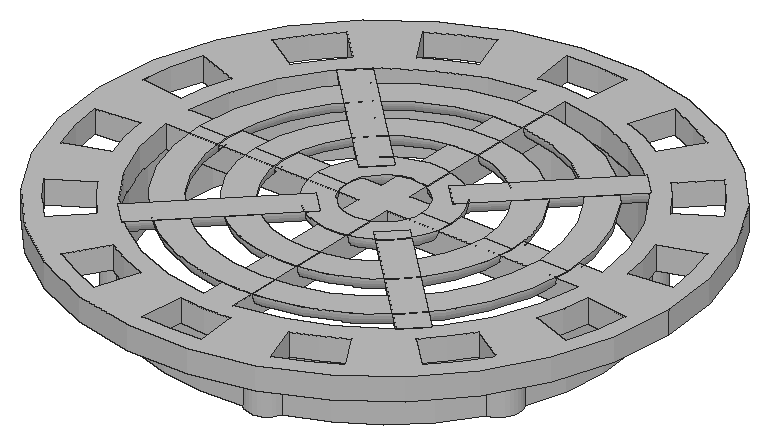
Revit family "483270001(1)", category Generic Models, host Floor, Revit 2019
Family settings
  Host = Floor
  Can host rebar = No
  Always vertical = Yes
  Cut with Voids When Loaded = No
  Shared = Yes
  Room Calculation Point = No
Parameters (values of type "483270001")
  SUPPLIER = "KOERO"
  NT = "Balcony transit and drain wastes"
  NN = "PLUVETTA® ROOSTER"
  NBSYN = "$CNSORDERNO.($LODLEVEL.)"
  NB = "483270001(1)"
  Model = "483270001"
  Manufacturer = "KOERO"
  MIdent = "{$CADENAS_DATA/23d-libs/koero/pluvetta/pluvetta_rooster.prj},188 {VTYP=3D},{NB=483270001(1)},{LINA=483270001},{NN=PLUVETTA® ROOSTER},{DATE=23.04.2020 08:29:08},{GEOMDATE=03.04.2020 06:45:27},{VERSION=},{LINEID=20},{WBVAR=LODLEVEL},{WBNUMERIC=LODLEVEL}  {NB=483270001(1)},{LINA=483270001},{KT=DUMMY},{CNSORDERNO=483270001},{LODLEVEL=1},{BEZ=Afvoerrooster geschikt voor pot 70 mm, Ø 100 mm buitenzijde rooster},{GRATE=1},{D1=100},{D2=73},{H=14},{INFO=PDF Catalog},{HTML=Product page},{S=70},{N=14},{X=0},{GRATEVIS=Transit},{INFOPAGE=pluvetta_pot},{INFOPATH=pluvetta_pot_nl.pdf},{HTML1=https://debeer-sanitair.nl/maattekeningen/pluvetta/},{VER=2}"
  LODLEVEL = "300"
  LINA = "483270001"
  INFO = "PDF Catalog"
  HTML = "Product page"
  H = 14 mm
  Description = "Balcony transit and drain wastes"
  D2 = 73 mm
  D1 = 100 mm
  CREATOR = "CADENAS GmbH"
  CNSORDERNO = "483270001"
  CATALOG = "König & Ronneberger"
  BOMINFO = "LINA"
  BEZ = "Afvoerrooster geschikt voor pot 70 mm, Ø 100 mm buitenzijde rooster"
  ARTICLENO = "NB"
Reference planes
  plane 1 "Center (Front/Back)": y = 0
  plane 2: z = 0
  plane 3 "Center (Left/Right)": x = 0
Dimensions and locks
  aligned and locked: level to plane 2
Nested families
  nested 1: "483270001(1)_content" at (0, 0, 0), type "483270001(1)_Content"
Definition of nested family "483270001(1)_content"
  Parameters (values of type "483270001(1)_Content")
    SUPPLIER = "KOERO"
    NT = "Balcony transit and drain wastes"
    NN = "PLUVETTA® ROOSTER"
    NBSYN = "$CNSORDERNO.($LODLEVEL.)"
    NB = "483270001(1)"
    Model = "483270001"
    Manufacturer = "KOERO"
    LODLEVEL = "300"
    LINA = "483270001"
    INFO = "PDF Catalog"
    HTML = "Product page"
    H = 14 mm
    Description = "Balcony transit and drain wastes"
    Default Elevation = 1219.2 mm
    D2 = 73 mm
    D1 = 100 mm
    CREATOR = "CADENAS GmbH"
    CNSORDERNO = "483270001"
    CATALOG = "König & Ronneberger"
    BOMINFO = "LINA"
    BEZ = "Afvoerrooster geschikt voor pot 70 mm, Ø 100 mm buitenzijde rooster"
    ARTICLENO = "NB"
  Reference planes
    plane 1 "Center (Front/Back)": y = 0
    plane 2: z = 0
    plane 3 "Center (Left/Right)": x = 0
  Forms (mm)
    Extrusion 1, solid, detail levels medium+fine
      sketch origin (0, 0, 0) x (-1, 0, 0) y (0, -1, 0)
        loop
          circle (0, 0) r 50
        loop
          arc (37.283, 13.046) -> (38.51, 8.79) -> (39.252, 4.423) r 39.5
          line (39.252, 4.423) -> (46.704, 5.262)
          arc (46.704, 5.262) -> (45.822, 10.458) -> (44.363, 15.523) r 47
          line (44.363, 15.523) -> (37.283, 13.046)
        loop
          line (37.283, -13.046) -> (44.363, -15.523)
          arc (44.363, -15.523) -> (45.822, -10.458) -> (46.704, -5.262) r 47
          line (46.704, -5.262) -> (39.252, -4.423)
          arc (39.252, -4.423) -> (38.51, -8.79) -> (37.283, -13.046) r 39.5
        loop
          arc (27.931, 27.931) -> (30.882, 24.628) -> (33.446, 21.015) r 39.5
          line (33.446, 21.015) -> (39.796, 25.006)
          arc (39.796, 25.006) -> (36.746, 29.304) -> (33.234, 33.234) r 47
          line (33.234, 33.234) -> (27.931, 27.931)
        loop
          line (27.931, -27.931) -> (33.234, -33.234)
          arc (33.234, -33.234) -> (36.746, -29.304) -> (39.796, -25.006) r 47
          line (39.796, -25.006) -> (33.446, -21.015)
          arc (33.446, -21.015) -> (30.882, -24.628) -> (27.931, -27.931) r 39.5
        loop
          arc (13.046, 37.283) -> (17.138, 35.588) -> (21.015, 33.446) r 39.5
          line (21.015, 33.446) -> (25.006, 39.796)
          arc (25.006, 39.796) -> (20.393, 42.346) -> (15.523, 44.363) r 47
          line (15.523, 44.363) -> (13.046, 37.283)
        loop
          line (13.046, -37.283) -> (15.523, -44.363)
          arc (15.523, -44.363) -> (20.393, -42.346) -> (25.006, -39.796) r 47
          line (25.006, -39.796) -> (21.015, -33.446)
          arc (21.015, -33.446) -> (17.138, -35.588) -> (13.046, -37.283) r 39.5
        loop
          line (2.5, -2.5) -> (2.5, -36.414)
          arc (2.5, -36.414) -> (25.809, -25.809) -> (36.414, -2.5) r 36.5
          line (36.414, -2.5) -> (2.5, -2.5)
        loop
          line (2.5, 2.5) -> (36.414, 2.5)
          arc (36.414, 2.5) -> (25.809, 25.809) -> (2.5, 36.414) r 36.5
          line (2.5, 36.414) -> (2.5, 2.5)
        loop
          line (-5.262, 46.704) -> (-4.423, 39.252)
          arc (-4.423, 39.252) -> (0, 39.5) -> (4.423, 39.252) r 39.5
          line (4.423, 39.252) -> (5.262, 46.704)
          arc (5.262, 46.704) -> (0, 47) -> (-5.262, 46.704) r 47
        loop
          arc (-5.262, -46.704) -> (0, -47) -> (5.262, -46.704) r 47
          line (5.262, -46.704) -> (4.423, -39.252)
          arc (4.423, -39.252) -> (0, -39.5) -> (-4.423, -39.252) r 39.5
          line (-4.423, -39.252) -> (-5.262, -46.704)
        loop
          line (-25.006, 39.796) -> (-21.015, 33.446)
          arc (-21.015, 33.446) -> (-17.138, 35.588) -> (-13.046, 37.283) r 39.5
          line (-13.046, 37.283) -> (-15.523, 44.363)
          arc (-15.523, 44.363) -> (-20.393, 42.346) -> (-25.006, 39.796) r 47
        loop
          arc (-25.006, -39.796) -> (-20.393, -42.346) -> (-15.523, -44.363) r 47
          line (-15.523, -44.363) -> (-13.046, -37.283)
          arc (-13.046, -37.283) -> (-17.138, -35.588) -> (-21.015, -33.446) r 39.5
          line (-21.015, -33.446) -> (-25.006, -39.796)
        loop
          line (-36.414, 2.5) -> (-2.5, 2.5) -> (-2.5, 36.414)
          arc (-2.5, 36.414) -> (-25.809, 25.809) -> (-36.414, 2.5) r 36.5
        loop
          arc (-36.414, -2.5) -> (-25.809, -25.809) -> (-2.5, -36.414) r 36.5
          line (-2.5, -36.414) -> (-2.5, -2.5) -> (-36.414, -2.5)
        loop
          line (-39.796, 25.006) -> (-33.446, 21.015)
          arc (-33.446, 21.015) -> (-30.882, 24.628) -> (-27.931, 27.931) r 39.5
          line (-27.931, 27.931) -> (-33.234, 33.234)
          arc (-33.234, 33.234) -> (-36.746, 29.304) -> (-39.796, 25.006) r 47
        loop
          arc (-39.796, -25.006) -> (-36.746, -29.304) -> (-33.234, -33.234) r 47
          line (-33.234, -33.234) -> (-27.931, -27.931)
          arc (-27.931, -27.931) -> (-30.882, -24.628) -> (-33.446, -21.015) r 39.5
          line (-33.446, -21.015) -> (-39.796, -25.006)
        loop
          line (-46.704, 5.262) -> (-39.252, 4.423)
          arc (-39.252, 4.423) -> (-38.51, 8.79) -> (-37.283, 13.046) r 39.5
          line (-37.283, 13.046) -> (-44.363, 15.523)
          arc (-44.363, 15.523) -> (-45.822, 10.458) -> (-46.704, 5.262) r 47
        loop
          arc (-46.704, -5.262) -> (-45.822, -10.458) -> (-44.363, -15.523) r 47
          line (-44.363, -15.523) -> (-37.283, -13.046)
          arc (-37.283, -13.046) -> (-38.51, -8.79) -> (-39.252, -4.423) r 39.5
          line (-39.252, -4.423) -> (-46.704, -5.262)
      from 0 to 4
    Extrusion 2, solid, detail levels medium+fine
      sketch origin (0, 0, 0) x (-1, 0, 0) y (0, -1, 0)
        loop
          arc (-35.864, 14) -> (-38.5, 0) -> (-35.864, -14) r 38.5
          arc (-35.864, -14) -> (-36.039, -17.355) -> (-33.306, -19.311) r 3.5
          arc (-33.306, -19.311) -> (-24.004, -30.101) -> (-11.416, -36.769) r 38.5
          arc (-11.416, -36.769) -> (-8.901, -38.997) -> (-5.668, -38.08) r 3.5
          arc (-5.668, -38.08) -> (8.567, -37.535) -> (21.629, -31.85) r 38.5
          arc (21.629, -31.85) -> (24.94, -31.273) -> (26.239, -28.174) r 3.5
          arc (26.239, -28.174) -> (34.687, -16.705) -> (38.387, -2.948) r 38.5
          arc (38.387, -2.948) -> (40, 0) -> (38.387, 2.948) r 3.5
          arc (38.387, 2.948) -> (34.687, 16.705) -> (26.239, 28.174) r 38.5
          arc (26.239, 28.174) -> (24.94, 31.273) -> (21.629, 31.85) r 3.5
          arc (21.629, 31.85) -> (8.567, 37.535) -> (-5.668, 38.08) r 38.5
          arc (-5.668, 38.08) -> (-8.901, 38.997) -> (-11.416, 36.769) r 3.5
          arc (-11.416, 36.769) -> (-24.004, 30.101) -> (-33.306, 19.311) r 38.5
          arc (-33.306, 19.311) -> (-36.039, 17.355) -> (-35.864, 14) r 3.5
        loop
          circle (0, 0) r 36.5
      from -10 to 0
    Revolve 3, solid, detail levels medium+fine
      sketch origin (0, 0, 0) x (-1, 0, 0) y (0, 0, -1)
        loop
          line (27.43, -4) -> (32.43, -4)
          arc (32.43, -4) -> (29.93, -1.5) -> (27.43, -4) r 2.5
        axis (0, -4) -> (0, -3)
      angle from -360 to 0
    Revolve 4, solid, detail levels medium+fine
      sketch origin (0, 0, 0) x (-1, 0, 0) y (0, 0, -1)
        loop
          line (17.575, -4) -> (22.575, -4)
          arc (22.575, -4) -> (20.075, -1.5) -> (17.575, -4) r 2.5
        axis (0, -4) -> (0, -3)
      angle from -360 to 0
    Revolve 5, solid, detail levels medium+fine
      sketch origin (0, 0, 0) x (-1, 0, 0) y (0, 0, -1)
        loop
          line (6.625, -4) -> (11.625, -4)
          arc (11.625, -4) -> (9.125, -1.5) -> (6.625, -4) r 2.5
        axis (0, -4) -> (0, -3)
      angle from -360 to 0
    Extrusion 6, solid, detail levels medium+fine
      sketch origin (6.452, 6.452, 0) x (-0.707107, 0.707107, 0) y (0, 0, -1)
        loop
          line (-2.5, -4) -> (2.5, -4)
          arc (2.5, -4) -> (0, -1.5) -> (-2.5, -4) r 2.5
      from -27.375 to 0
    Extrusion 7, solid, detail levels medium+fine
      sketch origin (6.452, -6.452, 0) x (-0.707107, -0.707107, 0) y (0, 0, -1)
        loop
          line (-2.5, -4) -> (2.5, -4)
          arc (2.5, -4) -> (0, -1.5) -> (-2.5, -4) r 2.5
      from 0 to 27.375
    Extrusion 8, solid, detail levels medium+fine
      sketch origin (-6.452, -6.452, 0) x (-0.707107, 0.707107, 0) y (0, 0, -1)
        loop
          line (-2.5, -4) -> (2.5, -4)
          arc (2.5, -4) -> (0, -1.5) -> (-2.5, -4) r 2.5
      from 0 to 27.375
    Extrusion 9, solid, detail levels medium+fine
      sketch origin (-6.452, 6.452, 0) x (-0.707107, -0.707107, 0) y (0, 0, -1)
        loop
          line (-2.5, -4) -> (2.5, -4)
          arc (2.5, -4) -> (0, -1.5) -> (-2.5, -4) r 2.5
      from -27.375 to 0
    Extrusion 10, solid, detail levels coarse
      sketch origin (0, 0, -10) x (1, 0, 0) y (0, 1, 0)
        loop
          line (-50, -50) -> (50, -50) -> (50, 50) -> (-50, 50) -> (-50, -50)
      from 0 to 14
  Dimensions and locks
    aligned and locked: level to plane 2
